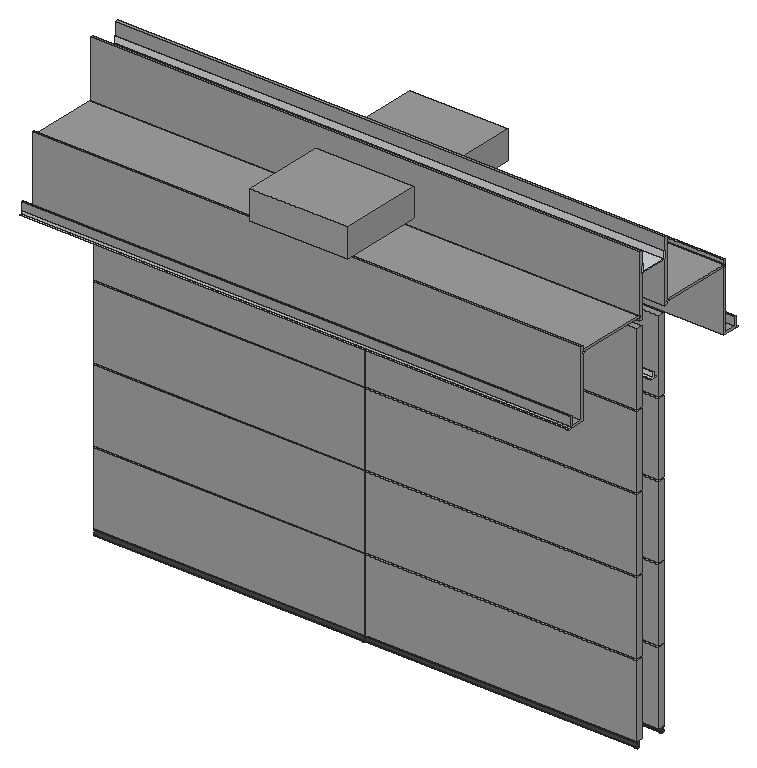
Revit family "Partition-5_Panels_High-Skyfold_Classic_Compact-8-1_to_10-0_FC_2450_to_3050", category Generic Models, host Ceiling, Revit 2026
Family settings
  Host = Ceiling
  Can host rebar = No
  Round Connector Dimension = Use Diameter
  Part Type = Normal
  Always vertical = Yes
  Cut with Voids When Loaded = No
  Maintain Annotation Orientation = No
  Shared = No
  Room Calculation Point = No
Parameters (values of type "9' - 6"")
  Visibility Of Unfold Single Panel [instance] = and(not(Fold), Number Of Panels < 2)  # no
  Visibility Of Fold Single Panel [instance] = and(Fold, Number Of Panels < 2)  # no
  Visibility Of Fold Panels [instance] = and(Fold, Number Of Panels > 1)  # no
  URL = "http://www.skyfold.com/"
  Total Panel Height = ([Panel Height"F"] * 5) + 0' 2"  # 10' - 9 1/2"
  Pocket Material [instance] = Default
  Panel Array [instance] = if(Number Of Panels < 3, 2, Number Of Panels)  # 2
  Panel 5 Material [instance] = Default
  Panel 4 Material [instance] = Default
  Panel 3 Material [instance] = Default
  Panel 2 Material [instance] = Default
  Model = "Compact Drive System"
  Manufacturer = "Skyfold"
  Description = "Custom Powerlift Partitions"
  Default Elevation = 0' - 0"
  Center Pantograph Visibility [instance] = Number Of Panels > 2  # no
  Visibility Of Single Pantograph [instance] = and(Number Of Panels = 2, Total Wall Length > 16' 0")  # no
  Total Wall Length [instance] = 16' - 0"
  Wall Thickness = 0' - 11 3/4"  # constant formula
  Unfold [instance] = and(not(Fold), Number Of Panels > 1)  # yes
  Pocket Width"E" = 5' - 1 3/4"
  Pocket Depth"D" = 1' - 8 1/2"
  Panel Length [instance] = (Total Wall Length - 0' 2" - (Number Of Panels - 1) * 0' 0 1/2") / Number Of Panels  # 7' - 10 3/4"
  Panel Height"F" = 2' - 1 1/2"
  Offset From Ceiling [instance] = 0' - 3 1/32"
  Center Pantographs [instance] = if(Number Of Panels < 3, 2, Number Of Panels - 1)  # 2
  Number Of Panels [instance] = (Total Wall Length / Max Panel Length) + 0.499  # 2
  Motor Positionning [instance] = if(or(Number Of Panels = 1, Total Wall Length < 16' 1", Number Of Panels = 3, Number Of Panels = 5, Number Of Panels = 7, Number Of Panels = 9, Number Of Panels = 11), (Total Wall Length / 2), (Total Wall Length / 2) - (Panel Length / 2))  # 8' - 0"
  Max Wall Length [instance] = 100' - 0"  # constant formula
  Max Panel Length [instance] = 12' - 0"  # constant formula
  Height Between Panels [instance] = [Panel Height"F"] + 0' 0 1/2"  # 2' - 2"
  Fold [instance] = no
  Distance From Acoustic Barrier = 0' - 2"  # constant formula
  Distance Between Panels [instance] = Panel Length + 0' 0 1/2"  # 7' - 11 1/4"
  Finished Ceiling"A" = 9' - 6"
  Panel 1 Material [instance] = Default
  Top Of Acoustic Barrier [instance] = 13' - 0"
  Assembly Code = ""
  Beam Height"B" = 12' - 2"
  Acoustic Barrier"C" = 11' - 1 1/2"
Reference planes (in)
  plane 1 "Center (Front/Back)": y = 0
  plane 2 "Ceiling": z = 96
  plane 3 "Center (Left/Right)": x = 0
  plane 4: y = -30.875
  plane 5: y = 30.875
  plane 6: y = -5.875
  plane 7: y = 5.875
  plane 8: x = 192
  plane 9: x = 1
  plane 10: x = 96.25
  plane 11: z = 113.46875
  plane 12: z = -18
  plane 13 "Beam height": z = 128
  plane 14 "ouverture": y = -35.68131
  plane 15: x = 96
  plane 16 "BOAB": z = 110.57813
  plane 17 "bob": z = 92.96875
Lines and regions (in)
  Opening 1
    outline origin (0, 3.93322, 96) x (1, 0, 0) y (0, 1, 0)
      loop
        line (0, 32.19178) -> (0, -40.05822) -> (192, -40.05822) -> (192, 32.19178) -> (0, 32.19178)
  model lines, style "InvisibleLines", detail levels fine
    curve 1: line (0, 6.25, 113.46875) -> (0, 6.25, 146.875)
Dimensions and locks (in)
  equal spacing: host sketch curve, plane 3 "Center (Left/Right)", host sketch curve
  equal spacing: host sketch curve, plane 1 "Center (Front/Back)", host sketch curve
  host sketch curve to host sketch curve = 10' - 0"  (x2)
  plane 2 "Ceiling" to level = 7' - 0"
  equal spacing: plane 4, plane 1 "Center (Front/Back)", plane 5
  "Pocket Width"E"": plane 4 to plane 5
  equal spacing: plane 6, plane 1 "Center (Front/Back)", plane 7
  "Wall Thickness": plane 6 to plane 7
  "Total Wall Length": plane 8 to plane 3 "Center (Left/Right)"
  locked: plane 9 to plane 3 "Center (Left/Right)" at 1
  "Distance Between Panels": plane 10 to plane 9
  group 1 to group 2 = 7' - 11 1/4"
  group 1 to group 2 = 0' - 0"  (x2)
  group 3 to group 4 = 7' - 11 1/4"
  group 3 to group 4 = 0' - 0"  (x2)
  "Pocket Depth"D"": plane 11 to plane 17 "bob"
  "Beam Height"B"": plane 13 "Beam height" to plane 12
  locked: nested 8 to plane 3 "Center (Left/Right)" at 32
  locked: plane 8 to nested 9 at 32
  locked: nested 5 to nested 10 at 0.25
  group 5 to group 6 = 7' - 11 1/4"
  group 5 to group 6 = 0' - 0"  (x2)
  "Distance Between Panels": nested 11 to nested 10
  locked: plane 10 to nested 12 at 0.25
  "Motor Positionning": plane 15 to plane 3 "Center (Left/Right)"
  locked: plane 11 to plane 16 "BOAB" at 2.89062
  "Finished Ceiling"A"": plane 2 "Ceiling" to plane 12
  "Offset From Ceiling": plane 2 "Ceiling" to plane 17 "bob"
  aligned and locked: nested 1 to Opening 1 sketch curve  (x2)
  aligned and locked: Opening 1 sketch curve to plane 8
  aligned and locked: nested 2 to plane 1 "Center (Front/Back)"
  aligned and locked: nested 2 to plane 9
  aligned and locked: Opening 1 sketch curve to nested 1
  aligned and locked: plane 9 to nested 3
  aligned and locked: nested 1 to plane 3 "Center (Left/Right)"
  aligned and locked: plane 10 to nested 5
  aligned and locked: plane 8 to nested 6
  aligned and locked: plane 3 "Center (Left/Right)" to nested 6
  aligned and locked: nested 13 to plane 1 "Center (Front/Back)"
  aligned and locked: plane 13 "Beam height" to nested 6
  aligned and locked: nested 1 to nested 6
  aligned and locked: plane 13 "Beam height" to nested 8
  aligned and locked: plane 13 "Beam height" to nested 12
  aligned and locked: plane 13 "Beam height" to nested 10
  aligned and locked: plane 13 "Beam height" to nested 11
  aligned and locked: plane 13 "Beam height" to nested 9
  aligned and locked: nested 14 to plane 1 "Center (Front/Back)"
  aligned and locked: nested 15 to nested 14
  aligned and locked: plane 9 to nested 15
  aligned and locked: nested 16 to nested 14
  aligned and locked: nested 16 to plane 9
  aligned and locked: plane 13 "Beam height" to nested 7
  aligned and locked: plane 15 to nested 7
  aligned and locked: plane 16 "BOAB" to nested 16
  aligned and locked: nested 13 to plane 17 "bob"
  aligned and locked: nested 3 to plane 17 "bob"
  aligned and locked: nested 15 to plane 17 "bob"
  aligned and locked: nested 2 to plane 16 "BOAB"
  aligned and locked: plane 10 to nested 4
  aligned and locked: nested 4 to plane 16 "BOAB"
  aligned and locked: nested 14 to plane 16 "BOAB"
  aligned and locked: plane 17 "bob" to nested 1
  aligned and locked: plane 2 "Ceiling" to host ceiling
  aligned and locked: nested 5 to plane 17 "bob"
  aligned and locked: plane 5 to nested 17
  aligned and locked: nested 17 to plane 2 "Ceiling"
  aligned and locked: nested 18 to plane 13 "Beam height"
  aligned and locked: plane 7 to nested 18
  aligned and locked: plane 14 "ouverture" to nested 19
  aligned and locked: nested 19 to plane 13 "Beam height"
Automatic sketch dimensions
  curve 1 to plane 11 = 0' - 0"
  plane 7 to curve 1 = 0' - 0 3/8"
  plane 13 "Beam height" to curve 1 = 1' - 6 7/8"
Nested families (in)
  nested 1: "Pocket" at (0, -10.75, 94.27344), Acoustic_Barrier"C" <- "Acoustic Barrier"C"", Total_Wall_Length <- "Total Wall Length", T.O. Acoustic_Barrier <- "Top Of Acoustic Barrier", Beam_Height <- "Beam Height"B"", Pocket Material <- "Pocket Material", type "Pocket"
    with Total_Wall_Length 16' - 0", T.O. Acoustic_Barrier 13' - 0", Pocket Material Default, Motor_Length 2' - 10", Motor_Height 0' - 11 1/2", Beam_Height 12' - 2", Acoustic_Barrier"C" 11' - 1 1/2", Pocket_Width"E" 5' - 1 3/4", Pocket_Depth"D" 1' - 8 1/2", Finished_Ceiling"A" 9' - 6"
  nested 2: "5 panels group" at (1, 0, -122.85983), panel_length <- "Panel Length", Panel_Material <- "Panel 1 Material", visible <- "Unfold", Total_Panel-Height <- "Total Panel Height", Panel 2 material <- "Panel 2 Material", Panel 3 material <- "Panel 3 Material", Panel 4 material <- "Panel 4 Material", Panel 5 material <- "Panel 5 Material", type "5 panels group"
    with panel_length 7' - 10 3/4", Total_Panel-Height 10' - 9 1/2", Panel_Material Default, Panel 5 material Default, Panel 4 material Default, Panel 3 material Default, Panel 2 material Default, panel_height 2' - 1 1/2", Height_distance_bet_panels 2' - 2"
  nested 3: "Horozontal panel" at (1, 12.57079, 80.96875), panel_length <- "Panel Length", panel_height <- "Panel Height"F"", visible <- "Visibility Of Fold Panels", Panel_Material <- "Panel 5 Material", type "Horozontal panel"
    with panel_length 7' - 10 3/4", panel_height 2' - 1 1/2", Panel_Material Default
  nested 4: "5 panels group" at (96.25, 0, -122.85983), panel_length <- "Panel Length", Panel_Material <- "Panel 1 Material", visible <- "Unfold", Total_Panel-Height <- "Total Panel Height", Panel 2 material <- "Panel 2 Material", Panel 3 material <- "Panel 3 Material", Panel 4 material <- "Panel 4 Material", Panel 5 material <- "Panel 5 Material", type "5 panels group"
    with panel_length 7' - 10 3/4", Total_Panel-Height 10' - 9 1/2", Panel_Material Default, Panel 5 material Default, Panel 4 material Default, Panel 3 material Default, Panel 2 material Default, panel_height 2' - 1 1/2", Height_distance_bet_panels 2' - 2"
  nested 5: "Horozontal panel" at (96.25, 12.57079, 80.96875), panel_length <- "Panel Length", panel_height <- "Panel Height"F"", visible <- "Visibility Of Fold Panels", Panel_Material <- "Panel 5 Material", type "Horozontal panel"
    with panel_length 7' - 10 3/4", panel_height 2' - 1 1/2", Panel_Material Default
  nested 6: "Beam" at (0, -10.75, 109.30469), type "Pocket"
    with Total_Wall_Length 16' - 0"
  nested 7: "Motor" at (79, -23, 118), type "Compact"
  nested 8: "Pantograph" at (54.25, -4, 115.71875) x (0, 1, 0) z (0, 0, 1), type "Pantograph"
  nested 9: "Pantograph" at (182.25, -4, 115.71875) x (0, 1, 0) z (0, 0, 1), type "Pantograph"
  nested 10: "Pantograph" at (118.25, -4, 115.71875) x (0, 1, 0) z (0, 0, 1), visible <- "Center Pantograph Visibility", type "Pantograph"
  nested 11: "Pantograph" at (213.5, -4, 115.71875) x (0, 1, 0) z (0, 0, 1), visible <- "Center Pantograph Visibility", type "Pantograph"
  nested 12: "Pantograph" at (118.25, -4, 115.71875) x (0, 1, 0) z (0, 0, 1), visible <- "Visibility Of Single Pantograph", type "Pantograph"
  nested 13: "2D Fold Panels" at (1, 2.48811, 92.96875) x (0, 1, 0) z (1, 0, 0), visible <- "Fold", Panel_Height <- "Panel Height"F"", type "Complete Panels"
    with Panel_Height 2' - 1 1/2"
  nested 14: "2D Unfold Panels" at (1, -0.19511, 18.57813) x (0, 1, 0) z (1, 0, 0), visible <- "Unfold", type "Unfold panels"
    with Distance_Between_Panels 2' - 2"
  nested 15: "Horozontal panel" at (1, 12.57079, 80.96875), panel_length <- "Panel Length", panel_height <- "Panel Height"F"", Panel_Material <- "Panel 1 Material", visible <- "Visibility Of Fold Single Panel", type "Horozontal panel"
    with panel_length 7' - 10 3/4", panel_height 2' - 1 1/2", Panel_Material Default
  nested 16: "5 panels group" at (1, 0, -122.85983), Panel_Material <- "Panel 1 Material", panel_length <- "Panel Length", visible <- "Visibility Of Unfold Single Panel", Total_Panel-Height <- "Total Panel Height", Panel 2 material <- "Panel 2 Material", Panel 3 material <- "Panel 3 Material", Panel 4 material <- "Panel 4 Material", Panel 5 material <- "Panel 5 Material", type "5 panels group"
    with panel_length 7' - 10 3/4", Total_Panel-Height 10' - 9 1/2", Panel_Material Default, Panel 5 material Default, Panel 4 material Default, Panel 3 material Default, Panel 2 material Default, panel_height 2' - 1 1/2", Height_distance_bet_panels 2' - 2"
  nested 17: "Suspended Ceiling Component" at (1, 30.875, 96) x (0, 1, 0) z (1, 0, 0), type "Suspended Ceiling Component"
  nested 18: "construction as per ASTM E557 Component" at (1, 5.875, 128) x (0, 1, 0) z (1, 0, 0), type "construction as per ASTM E557 Component"
  nested 19: "Disclaimer Component" at (1, -35.68131, 128) x (0, 1, 0) z (1, 0, 0), type "Disclaimer Component"
Definition of nested family "Pocket"
  Parameters
    Total_Wall_Length [instance] = 35' - 0"
    T.O. Acoustic_Barrier [instance] = 11' - 0"
    Pocket_Width"E" = 4' - 7 1/2"
    Pocket_Depth"D" = 1' - 7 5/8"
    Pocket Material [instance] = none
    Motor_Length [instance] = 2' - 6 29/128"
    Motor_Height [instance] = 1' - 3"
    Finished_Ceiling"A" = 8' - 7"
    Default Elevation = 0' - 0"
    Assembly Code = ""
    Beam_Height [instance] = 10' - 0"
    Acoustic_Barrier"C" [instance] = 1' - 7 5/8"
  Reference planes (in)
    plane 1 "Center (Front/Back)": y = 10.75
    plane 2: z = 18.32031
    plane 3 "Center (Left/Right)": x = 0
    plane 4: z = -1.30469
    plane 5: y = -17
    plane 6: y = 38.5
    plane 7: y = -22.25
    plane 8: y = 43.75
    plane 9: z = 2.32031
    plane 10: y = 4.75
    plane 11: y = 16.75
    plane 12: x = 420
    plane 13: z = 45.69531
    plane 14: z = 71.18777
    plane 15: z = 27.69531
    plane 16: z = -104.30469
    plane 17: x = 12.89513
    plane 18: x = 203.52734
    plane 19: z = 15.69531
    plane 20: z = 19.32031
  Forms (in)
    Extrusion 1, solid, material <- "Pocket Material"
      sketch origin (0, 0, 0) x (0, 1, 0) y (0, 0, 1)
        loop
          line (-22.25, 2.32031) -> (-22.25, -1.30469) -> (-17, -1.30469) -> (-17, 21.32031) -> (-17.625, 21.32031) -> (-17.625, -0.67969) -> (-21.625, -0.67969) -> (-21.625, 2.32031) -> (-22.25, 2.32031)
        loop
          line (-16.78125, 19.32031) -> (4.53125, 19.32031) -> (4.53125, 19.94531) -> (-16.78125, 19.94531) -> (-16.78125, 19.32031)
      from 0 to 420
    Extrusion 2, solid
      sketch origin (0, 0, 0) x (0, 1, 0) y (0, 0, 1)
        loop
          line (9.75, -1.30469) -> (11.75, -1.30469) -> (11.75, -1.05469) -> (10.875, -1.05469) -> (10.875, 0.69531) -> (10.625, 0.69531) -> (10.625, -1.05469) -> (9.75, -1.05469) -> (9.75, -1.30469)
      from 0 to 420
    Extrusion 3, solid, material <- "Pocket Material"
      sketch origin (0, 0, 0) x (0, 1, 0) y (0, 0, 1)
        loop
          line (4.75, 18.32031) -> (5.75, 18.32031) -> (5.75, 27.69531) -> (4.75, 27.69531) -> (4.75, 18.32031)
      from 0 to 420
    Extrusion 4, solid, material <- "Pocket Material"
      sketch origin (0, 21.5, 0) x (0, -1, 0) y (0, 0, -1)
        loop
          line (4.75, -18.32031) -> (4.75, -27.69531) -> (5.75, -27.69531) -> (5.75, -18.32031) -> (4.75, -18.32031)
      from 0 to 420
    Extrusion 5, solid
      sketch origin (420, 0, 0.01562) x (0, 1, 0) y (0, 0, 1)
        loop
          line (-17, 20.00781) -> (-17, 19.21094) -> (-16.25, 19.21094) -> (-16.25, 19.30469) -> (-16.90625, 19.30469) -> (-16.90625, 20.00781) -> (-17, 20.00781)
      from -420 to 0
    Extrusion 6, solid
      sketch origin (420, -21.98359, 0.03125) x (0, -1, 0) y (0, 0, -1)
        loop
          line (-26.73359, -19.99219) -> (-26.63984, -19.99219) -> (-26.63984, -19.28906) -> (-25.98359, -19.28906) -> (-25.98359, -19.19531) -> (-26.73359, -19.19531) -> (-26.73359, -19.99219)
      from -420 to 0
    Extrusion 7, solid
      sketch origin (420, -57.55768, -19.35805) x (0, -1, 0) y (0, 0, -1)
        loop
          line (-35.30768, -18.75649) -> (-35.21393, -18.75649) -> (-35.21393, -18.05336) -> (-34.55768, -18.05336) -> (-34.55768, -17.95961) -> (-35.30768, -17.95961) -> (-35.30768, -18.75649)
      from -420 to 0
    Extrusion 8, solid, material <- "Pocket Material"
      sketch origin (0, 21.5, 0.125) x (0, -1, 0) y (0, 0, -1)
        loop
          line (-22.25, -2.19531) -> (-21.625, -2.19531) -> (-21.625, 0.80469) -> (-17.625, 0.80469) -> (-17.625, -21.19531) -> (-17, -21.19531) -> (-17, 1.42969) -> (-22.25, 1.42969) -> (-22.25, -2.19531)
        loop
          line (-16.78125, -19.19531) -> (-16.78125, -19.82031) -> (4.53125, -19.82031) -> (4.53125, -19.19531) -> (-16.78125, -19.19531)
      from 0 to 420
    Extrusion 9, solid
      sketch origin (420, 21.5, 0) x (0, -1, 0) y (0, 0, -1)
        loop
          line (-17, -20.02344) -> (-16.90625, -20.02344) -> (-16.90625, -19.32031) -> (-16.25, -19.32031) -> (-16.25, -19.22656) -> (-17, -19.22656) -> (-17, -20.02344)
      from -420 to 0
    Extrusion 10, solid
      sketch origin (420, 43.48359, 0) x (0, 1, 0) y (0, 0, 1)
        loop
          line (-26.73359, 20.02344) -> (-26.73359, 19.22656) -> (-25.98359, 19.22656) -> (-25.98359, 19.32031) -> (-26.63984, 19.32031) -> (-26.63984, 20.02344) -> (-26.73359, 20.02344)
      from -420 to 0
    Extrusion 11, solid
      sketch origin (420, 79.05768, -19.35805) x (0, 1, 0) y (0, 0, 1)
        loop
          line (-35.30768, 18.75649) -> (-35.30768, 17.95961) -> (-34.55768, 17.95961) -> (-34.55768, 18.05336) -> (-35.21393, 18.05336) -> (-35.21393, 18.75649) -> (-35.30768, 18.75649)
      from -420 to 0
  Lines and regions (in)
    symbolic lines
      curve 1: line (420, -21.625, -0.67969) -> (420, -17.625, -0.67969)
      curve 2: line (420, -21.625, 27.69531) -> (420, -21.625, -0.67969)
      curve 3: line (420, -17.625, 27.69531) -> (420, -21.625, 27.69531)
      curve 4: line (420, -17.625, -0.67969) -> (420, -17.625, 27.69531)
      curve 5: line (420, 43.125, -0.67969) -> (420, 39.125, -0.67969)
      curve 6: line (420, 43.125, 27.69531) -> (420, 43.125, -0.67969)
      curve 7: line (420, 39.125, 27.69531) -> (420, 43.125, 27.69531)
      curve 8: line (420, 39.125, -0.67969) -> (420, 39.125, 27.69531)
      curve 9: line (420, 16.75, 22.94531) -> (420, 16.75, 20.94531)
      curve 10: line (0, 5.25, 27.69531) -> (0, 5.25, 18.32031)
      curve 11: line (0, 16.25, 27.69531) -> (0, 16.25, 18.32031)
  Dimensions and locks (in)
    locked: plane 7 to plane 5 at 5.25
    locked: plane 9 to plane 4 at 3.625
    locked: plane 6 to plane 8 at 5.25
    plane 10 to plane 1 "Center (Front/Back)" = 0' - 6"
    plane 10 to plane 11 = 1' - 0"
    "Pocket_Width"E"": plane 5 to plane 6
    equal spacing: plane 5, plane 1 "Center (Front/Back)", plane 6
    "Finished_Ceiling"A"": plane 4 to level
    locked: plane 7 to Extrusion 1 sketch curve at 0.625
    locked: Extrusion 1 sketch curve to plane 4 at 0.625
    locked: Extrusion 1 sketch curve to Extrusion 1 sketch curve at 0.625  (x2)
    "Total_Wall_Length": plane 12 to plane 3 "Center (Left/Right)"
    equal spacing: Extrusion 2 sketch curve, plane 1 "Center (Front/Back)", Extrusion 2 sketch curve  (x2)
    locked: Extrusion 2 sketch curve to plane 4 at 2
    locked: Extrusion 2 sketch curve to plane 4 at 0.25
    locked: Extrusion 2 sketch curve to plane 1 "Center (Front/Back)" at 0.125
    locked: Extrusion 1 sketch curve to Extrusion 1 sketch curve at 0.21875
    locked: plane 10 to Extrusion 3 sketch curve at 1
    "Pocket_Depth"D"": plane 2 to plane 4
    locked: plane 13 to plane 16 at 150
    "T.O. Acoustic_Barrier": plane 15 to plane 16
    locked: plane 18 to plane 3 "Center (Left/Right)" at 203.52734
    "Beam_Height": plane 19 to plane 16
    plane 4 to plane 16 = 8' - 7"
    Extrusion 1 to Extrusion 1 to plane 5 = 0' - 0 5/8", 0' - 0"
    locked: Extrusion 1 sketch curve to Extrusion 1 sketch curve at 1.375
    locked: Extrusion 1 sketch curve to plane 10 at 0.21875
    locked: Extrusion 5 sketch curve to Extrusion 5 sketch curve at 0.09375  (x2)
    locked: Extrusion 5 sketch curve to Extrusion 5 sketch curve at 0.79688
    locked: Extrusion 5 sketch curve to Extrusion 5 sketch curve at 0.75
    locked: Extrusion 6 sketch curve to Extrusion 6 sketch curve at 0.09375  (x2)
    locked: Extrusion 6 sketch curve to Extrusion 6 sketch curve at 0.79688
    locked: Extrusion 6 sketch curve to Extrusion 6 sketch curve at 0.75
    locked: Extrusion 7 sketch curve to Extrusion 7 sketch curve at 0.09375  (x2)
    locked: Extrusion 7 sketch curve to Extrusion 7 sketch curve at 0.79688
    locked: Extrusion 7 sketch curve to Extrusion 7 sketch curve at 0.75
    locked: Extrusion 8 sketch curve to Extrusion 8 sketch curve at 0.625
    Extrusion 8 sketch curve to Extrusion 8 sketch curve = 0' - 0 5/8"
    locked: Extrusion 8 sketch curve to Extrusion 8 sketch curve at 0.21875
    Extrusion 8 sketch curve to Extrusion 8 sketch curve = 0' - 1 3/8"
    locked: Extrusion 9 sketch curve to Extrusion 9 sketch curve at 0.09375  (x2)
    locked: Extrusion 9 sketch curve to Extrusion 9 sketch curve at 0.79688
    locked: Extrusion 9 sketch curve to Extrusion 9 sketch curve at 0.75
    locked: Extrusion 10 sketch curve to Extrusion 10 sketch curve at 0.09375  (x2)
    locked: Extrusion 10 sketch curve to Extrusion 10 sketch curve at 0.79688
    locked: Extrusion 10 sketch curve to Extrusion 10 sketch curve at 0.75
    locked: Extrusion 11 sketch curve to Extrusion 11 sketch curve at 0.09375  (x2)
    locked: Extrusion 11 sketch curve to Extrusion 11 sketch curve at 0.79688
    locked: Extrusion 11 sketch curve to Extrusion 11 sketch curve at 0.75
    locked: plane 20 to plane 2 at 1
    aligned and locked: plane 12 to Extrusion 1
    aligned and locked: Extrusion 2 sketch curve to Extrusion 2 sketch curve
    aligned and locked: Extrusion 2 to plane 3 "Center (Left/Right)"
    aligned and locked: plane 12 to Extrusion 2
    aligned and locked: Extrusion 3 sketch curve to plane 2
    aligned and locked: Extrusion 3 sketch curve to plane 10
    aligned and locked: plane 15 to Extrusion 4
    aligned and locked: plane 15 to Extrusion 3
    aligned and locked: plane 12 to Extrusion 3
    aligned and locked: plane 12 to Extrusion 4
    aligned and locked: plane 16 to level
    aligned and locked: curve 1 to Extrusion 1  (x2)
    aligned and locked: curve 4 to Extrusion 1
    aligned and locked: curve 7 to plane 15
    aligned and locked: plane 5 to Extrusion 5
    aligned: plane 2 to Extrusion 5
    aligned and locked: plane 10 to Extrusion 6
    aligned: plane 2 to Extrusion 6
    aligned and locked: plane 7 to Extrusion 7
    aligned and locked: plane 4 to Extrusion 7
    aligned and locked: plane 6 to Extrusion 9
    aligned and locked: plane 4 to Extrusion 11
    aligned and locked: Extrusion 11 to plane 8
    aligned and locked: plane 12 to Extrusion 5
    aligned and locked: plane 12 to Extrusion 6
    aligned and locked: Extrusion 10 to plane 3 "Center (Left/Right)"
    aligned and locked: Extrusion 6 to plane 3 "Center (Left/Right)"
    aligned and locked: Extrusion 5 to plane 3 "Center (Left/Right)"
    aligned and locked: plane 12 to Extrusion 10
    aligned and locked: plane 12 to Extrusion 9
    aligned and locked: Extrusion 9 to plane 3 "Center (Left/Right)"
    aligned and locked: plane 12 to Extrusion 7
    aligned and locked: plane 12 to Extrusion 11
    aligned and locked: Extrusion 7 to plane 3 "Center (Left/Right)"
    aligned and locked: Extrusion 11 to plane 3 "Center (Left/Right)"
    aligned and locked: Extrusion 8 to curve 8
    aligned and locked: curve 6 to Extrusion 8
    aligned and locked: curve 5 to Extrusion 8
    aligned and locked: plane 12 to Extrusion 8
    aligned and locked: Extrusion 1 to plane 3 "Center (Left/Right)"
    aligned and locked: Extrusion 8 to plane 3 "Center (Left/Right)"
    aligned and locked: Extrusion 1 sketch curve to plane 20
    aligned and locked: Extrusion 5 to Extrusion 1
    aligned and locked: Extrusion 6 to Extrusion 1
    aligned and locked: Extrusion 8 to Extrusion 1  (x4)
    aligned and locked: Extrusion 1 to Extrusion 8
    aligned and locked: Extrusion 10 to Extrusion 8
    aligned and locked: Extrusion 9 to Extrusion 8
    aligned and locked: Extrusion 8 to plane 4
  Automatic sketch dimensions
    curve 10 to plane 2 = 0' - 0"
    curve 10 to plane 15 = 0' - 0"
    curve 11 to plane 2 = 0' - 0"
    curve 11 to plane 15 = 0' - 0"
    plane 10 to curve 10 = 0' - 0 1/2"
    curve 11 to plane 11 = 0' - 0 1/2"
    Extrusion 1 sketch curve to plane 4 = 0' - 0"
    Extrusion 1 sketch curve to plane 7 = 0' - 0"
    Extrusion 1 sketch curve to plane 5 = 0' - 0"
    Extrusion 1 sketch curve to plane 9 = 0' - 0"
    Extrusion 2 sketch curve to plane 4 = 0' - 0"
    Extrusion 2 sketch curve to Extrusion 2 sketch curve = 0' - 0 7/8"
    Extrusion 3 sketch curve to plane 15 = 0' - 0"
    Extrusion 4 sketch curve to plane 11 = 0' - 0"
    Extrusion 4 sketch curve to plane 15 = 0' - 0"
    Extrusion 4 sketch curve to plane 2 = 0' - 0"
    plane 11 to Extrusion 4 sketch curve = 0' - 1"
    curve 3 to Extrusion 3 = 0' - 0"
    curve 9 to Extrusion 3 = 0' - 4 5/8"
    Extrusion 3 to curve 9 = 0' - 11"
    curve 9 to curve 9 = 0' - 2"
    Extrusion 5 sketch curve to Extrusion 3 = 0' - 0 29/32"
    Extrusion 3 to Extrusion 5 sketch curve = 1' - 9 3/4"
    Extrusion 6 sketch curve to Extrusion 3 = 0' - 0"
    Extrusion 6 sketch curve to Extrusion 3 = 0' - 1 45/64"
    Extrusion 3 to Extrusion 7 sketch curve = 2' - 3"
    Extrusion 3 to Extrusion 7 sketch curve = 1' - 6 59/64"
    Extrusion 8 sketch curve to plane 4 = 0' - 0"
    Extrusion 8 sketch curve to plane 8 = 0' - 0"
    Extrusion 8 sketch curve to plane 9 = 0' - 0"
    Extrusion 8 sketch curve to plane 6 = 0' - 0"
    plane 8 to Extrusion 8 sketch curve = 0' - 0 5/8"
    Extrusion 8 sketch curve to plane 11 = 0' - 0 7/32"
    Extrusion 8 sketch curve to plane 4 = 0' - 0 5/8"
    Extrusion 8 sketch curve to plane 2 = 0' - 1"
    Extrusion 9 sketch curve to Extrusion 3 = 0' - 0 29/32"
    Extrusion 3 to Extrusion 9 sketch curve = 2' - 8 3/4"
    Extrusion 10 sketch curve to Extrusion 3 = 0' - 0 29/32"
    Extrusion 3 to Extrusion 10 sketch curve = 0' - 11"
    Extrusion 3 to Extrusion 11 sketch curve = 3' - 2"
    Extrusion 3 to Extrusion 11 sketch curve = 1' - 7 23/32"
Definition of nested family "5 panels group"
  Parameters
    panel_length [instance] = 3' - 0"
    panel_height = 2' - 2 1/2"
    folded_width = 0' - 11 3/4"
    Total_Panel-Height [instance] = 9' - 2 3/4"
    Panel_Material [instance] = none
    Panel 5 material [instance] = none
    Panel 4 material [instance] = none
    Panel 3 material [instance] = none
    Panel 2 material [instance] = none
    Height_distance_bet_panels = panel_height + 0' 0 1/2"  # 2' - 3"
    Default Elevation = 0' - 0"
    Assembly Code = ""
  Reference planes (in)
    plane 1 "Center (Front/Back)": y = 0
    plane 2: z = 0
    plane 3 "Center (Left/Right)": x = 0
    plane 4: y = 5.875
    plane 5: z = 233.43796
    plane 6: y = -5.875
    plane 7: z = 206.43796
    plane 8: x = 36
    plane 9: z = 122.68796
    plane 10: z = 179.43796
    plane 11: z = 152.43796
    plane 12: z = 125.43796
  Forms (in)
    Extrusion 1, solid
      sketch origin (0, 1.79895, 58.50004) x (0, 1, 0) y (0, 0, 1)
        loop
          line (-6.80477, 62.50782) -> (-7.05382, 63.93792) -> (-6.92395, 63.93792) -> (-6.92395, 64.18793) -> (-7.67395, 64.18793) -> (-7.67395, 63.93792) -> (-7.41508, 63.93792) -> (-7.66413, 62.50782)
          arc (-7.66413, 62.50782) -> (-7.23445, 62.07814) -> (-6.80477, 62.50782) r 0.42968
      from 0 to 36
    Extrusion 2, solid
      sketch origin (0, -1.79895, 58.50004) x (0, -1, 0) y (0, 0, -1)
        loop
          arc (-6.80477, -62.50782) -> (-7.23445, -62.07814) -> (-7.66413, -62.50782) r 0.42968
          line (-7.66413, -62.50782) -> (-7.41508, -63.93792) -> (-7.67395, -63.93792) -> (-7.67395, -64.18793) -> (-6.92395, -64.18793) -> (-6.92395, -63.93792) -> (-7.05382, -63.93792) -> (-6.80477, -62.50782)
      from 0 to 36
  Dimensions and locks (in)
    equal spacing: plane 6, plane 1 "Center (Front/Back)", plane 4
    "folded_width": plane 6 to plane 4
    "panel_length": plane 8 to plane 3 "Center (Left/Right)"
    "Total_Panel-Height": plane 5 to plane 9
    equal spacing: plane 5, plane 7, plane 10, plane 11, plane 12
    "Height_distance_bet_panels": plane 5 to plane 7
    aligned and locked: plane 4 to nested 1
    aligned and locked: plane 6 to nested 2
    aligned and locked: plane 3 "Center (Left/Right)" to nested 1
    aligned and locked: nested 2 to plane 5  (x2)
    aligned and locked: nested 4 to plane 7  (x2)
    aligned and locked: plane 8 to Extrusion 1
    aligned and locked: Extrusion 1 to plane 3 "Center (Left/Right)"
    aligned and locked: Extrusion 1 to plane 6
    aligned and locked: Extrusion 2 to plane 3 "Center (Left/Right)"
    aligned and locked: plane 8 to Extrusion 2
    aligned and locked: plane 5 to nested 1
    aligned and locked: plane 7 to nested 3
    aligned and locked: nested 6 to plane 10
    aligned and locked: plane 10 to nested 5
    aligned and locked: nested 8 to plane 11
    aligned and locked: plane 11 to nested 7
    aligned and locked: nested 10 to plane 12
    aligned and locked: plane 12 to nested 9
    aligned and locked: plane 6 to nested 10
    aligned and locked: plane 6 to nested 8
    aligned and locked: plane 6 to nested 6
    aligned and locked: plane 6 to nested 4
    aligned and locked: plane 4 to nested 3
    aligned and locked: plane 4 to nested 5
    aligned and locked: plane 4 to nested 7
    aligned and locked: plane 4 to nested 9
  Automatic sketch dimensions
    Extrusion 1 sketch curve to plane 6 = 0' - 0"
    plane 6 to Extrusion 1 sketch curve = 0' - 0.00982"
    Extrusion 1 sketch curve to Extrusion 1 sketch curve = 0' - 0.25887"
    Extrusion 1 sketch curve to Extrusion 1 sketch curve = 0' - 0 55/128"
    Extrusion 1 sketch curve to plane 9 = 0' - 0 1/4"  (x2)
    Extrusion 1 sketch curve to Extrusion 1 sketch curve = 0' - 0.36126"
    plane 9 to Extrusion 1 sketch curve = 0' - 0"
    Extrusion 1 sketch curve to Extrusion 1 sketch curve = 0' - 0.12987"
    Extrusion 1 sketch curve to Extrusion 1 sketch curve = 0' - 1.4301"
    Extrusion 2 sketch curve to plane 4 = 0' - 0"
    plane 4 to Extrusion 2 sketch curve = 0' - 0.00982"
    Extrusion 2 sketch curve to Extrusion 2 sketch curve = 0' - 0.25887"
    Extrusion 2 sketch curve to Extrusion 2 sketch curve = 0' - 0 55/128"
    plane 9 to Extrusion 2 sketch curve = 0' - 0 1/4"  (x2)
    Extrusion 2 sketch curve to Extrusion 2 sketch curve = 0' - 0.36126"
    Extrusion 2 sketch curve to plane 9 = 0' - 0"
    Extrusion 2 sketch curve to Extrusion 2 sketch curve = 0' - 0.12987"
    Extrusion 2 sketch curve to Extrusion 2 sketch curve = 0' - 1.4301"
  Nested families (in)
    nested 1: "Panneau_top" at (0, 3.625, 206.93796), panel_height <- "panel_height", panel_length <- "panel_length", Panel_Material <- "Panel_Material", type "Panneau_top"
      with panel_length 3' - 0", panel_height 2' - 2 1/2", Panel_Material none
    nested 2: "Panneau_top" at (0, -3.625, 206.93796), panel_height <- "panel_height", panel_length <- "panel_length", Panel_Material <- "Panel_Material", type "Panneau_top"
      with panel_length 3' - 0", panel_height 2' - 2 1/2", Panel_Material none
    nested 3: "Panneau_top" at (0, 3.625, 179.93796), panel_height <- "panel_height", panel_length <- "panel_length", Panel_Material <- "Panel 2 material", type "Panneau_top"
      with panel_length 3' - 0", panel_height 2' - 2 1/2", Panel_Material none
    nested 4: "Panneau_top" at (0, -3.625, 179.93796), panel_height <- "panel_height", panel_length <- "panel_length", Panel_Material <- "Panel 2 material", type "Panneau_top"
      with panel_length 3' - 0", panel_height 2' - 2 1/2", Panel_Material none
    nested 5: "Panneau_top" at (0, 3.625, 152.93796), panel_height <- "panel_height", panel_length <- "panel_length", Panel_Material <- "Panel 3 material", type "Panneau_top"
      with panel_length 3' - 0", panel_height 2' - 2 1/2", Panel_Material none
    nested 6: "Panneau_top" at (0, -3.625, 152.93796), panel_height <- "panel_height", panel_length <- "panel_length", Panel_Material <- "Panel 3 material", type "Panneau_top"
      with panel_length 3' - 0", panel_height 2' - 2 1/2", Panel_Material none
    nested 7: "Panneau_top" at (0, 3.625, 125.93796), panel_height <- "panel_height", panel_length <- "panel_length", Panel_Material <- "Panel 4 material", type "Panneau_top"
      with panel_length 3' - 0", panel_height 2' - 2 1/2", Panel_Material none
    nested 8: "Panneau_top" at (0, -3.625, 125.93796), panel_height <- "panel_height", panel_length <- "panel_length", Panel_Material <- "Panel 4 material", type "Panneau_top"
      with panel_length 3' - 0", panel_height 2' - 2 1/2", Panel_Material none
    nested 9: "Panneau_top" at (0, 3.625, 98.93796), panel_height <- "panel_height", panel_length <- "panel_length", Panel_Material <- "Panel 5 material", type "Panneau_top"
      with panel_length 3' - 0", panel_height 2' - 2 1/2", Panel_Material none
    nested 10: "Panneau_top" at (0, -3.625, 98.93796), panel_height <- "panel_height", panel_length <- "panel_length", Panel_Material <- "Panel 5 material", type "Panneau_top"
      with panel_length 3' - 0", panel_height 2' - 2 1/2", Panel_Material none
  Definition of nested family "Panneau_top"
    Parameters
      panel_length [instance] = 4' - 0"
      panel_height [instance] = 4' - 0"
      Panel_Material [instance] = none
      Default Elevation = 0' - 0"
      Assembly Code = ""
    Reference planes (in)
      plane 1 "Center (Front/Back)": y = 0
      plane 2: z = 0
      plane 3 "Center (Left/Right)": x = 0
      plane 4: z = 48
      plane 5: x = 48
    Forms (in)
      Extrusion 1, solid, material <- "Panel_Material"
        sketch origin (0, 1.5, 0) x (0, 1, 0) y (0, 0, 1)
          loop
            line (-1.5, 48) -> (-1.5, 0) -> (0.75, 0) -> (0.75, 48) -> (-1.5, 48)
        from 0 to 48
    Dimensions and locks (in)
      "panel_length": plane 5 to plane 3 "Center (Left/Right)"
      "panel_height": plane 4 to plane 2
      locked: plane 1 "Center (Front/Back)" to Extrusion 1 at 2.25
      aligned and locked: plane 4 to Extrusion 1
      aligned and locked: plane 5 to Extrusion 1
      aligned and locked: Extrusion 1 sketch curve to plane 2
      aligned and locked: plane 1 "Center (Front/Back)" to Extrusion 1
    Automatic sketch dimensions
      Extrusion 1 sketch curve to plane 4 = 0' - 0"
      Extrusion 1 sketch curve to Extrusion 1 sketch curve = 0' - 2 1/4"
      Extrusion 1 sketch curve to plane 1 "Center (Front/Back)" = 0' - 0"
Definition of nested family "Horozontal panel"
  Parameters
    pocket_depth = 3' - 0"
    panel_length [instance] = 4' - 0"
    panel_height [instance] = 3' - 0"
    Panel_Material [instance] = none
    Default Elevation = 0' - 0"
    Assembly Code = ""
  Reference planes (in)
    plane 1 "Center (Front/Back)": y = -12.57079
    plane 2: z = 0
    plane 3 "Center (Left/Right)": x = 0
    plane 4: z = 48
    plane 5: x = 48
    plane 6: y = -15.82079
    plane 7: y = -9.32079
    plane 8: z = 12
    plane 9: y = 26.67921
    plane 10: z = 14.25
    plane 11: y = -51.82079
  Forms (in)
    Extrusion 1, solid, material <- "Panel_Material"
      sketch origin (0, 5.05768, 40.06591) x (0, 0, -1) y (0, 1, 0)
        loop
          line (25.81591, 21.62154) -> (25.81591, -14.37846) -> (28.06591, -14.37846) -> (28.06591, 21.62154) -> (25.81591, 21.62154)
      from 0 to 48
    Extrusion 2, solid, material <- "Panel_Material"
      sketch origin (0, -28.3555, 40.06591) x (0, 0, -1) y (0, 1, 0)
        loop
          line (25.81591, -23.46529) -> (28.06591, -23.46529) -> (28.06591, 12.53471) -> (25.81591, 12.53471) -> (25.81591, -23.46529)
      from 0 to 48
    Extrusion 3, solid
      sketch origin (0, 0, 0) x (0, 1, 0) y (0, 0, 1)
        loop
          line (-13.96908, 12.83522) -> (-15.57077, 12.58617) -> (-15.57077, 12.71604) -> (-15.82079, 12.71604) -> (-15.82079, 12) -> (-15.57077, 12) -> (-15.57077, 12.22491) -> (-13.96908, 11.97586)
          arc (-13.96908, 11.97586) -> (-13.5394, 12.40554) -> (-13.96908, 12.83522) r 0.42968
      from 0 to 48
    Extrusion 4, solid
      sketch origin (0, -25.14157, 0) x (0, -1, 0) y (0, 0, -1)
        loop
          arc (-13.96908, -12.83522) -> (-13.5394, -12.40554) -> (-13.96908, -11.97586) r 0.42968
          line (-13.96908, -11.97586) -> (-15.57077, -12.22491) -> (-15.57077, -12) -> (-15.82079, -12) -> (-15.82079, -12.71604) -> (-15.57077, -12.71604) -> (-15.57077, -12.58617) -> (-13.96908, -12.83522)
      from 0 to 48
  Dimensions and locks (in)
    "panel_length": plane 5 to plane 3 "Center (Left/Right)"
    equal spacing: plane 6, plane 1 "Center (Front/Back)", plane 7
    locked: plane 6 to plane 7 at 6.5
    "pocket_depth": plane 4 to plane 8
    "panel_height": plane 7 to plane 9
    locked: plane 10 to plane 8 at 2.25
    "panel_height": plane 11 to plane 6
    aligned: Extrusion 1 to plane 4
    aligned and locked: plane 5 to Extrusion 1
    aligned and locked: Extrusion 1 to plane 7
    aligned and locked: plane 9 to Extrusion 1
    aligned and locked: Extrusion 1 to plane 8
    aligned and locked: plane 10 to Extrusion 1
    aligned and locked: Extrusion 2 to plane 11
    aligned and locked: plane 5 to Extrusion 2
    aligned and locked: import instance to plane 8
    aligned and locked: import instance to plane 6
    aligned and locked: Extrusion 3 sketch curve to import instance  (x8)
    aligned and locked: Extrusion 4 sketch curve to import instance  (x8)
    aligned and locked: Extrusion 3 to plane 3 "Center (Left/Right)"
    aligned and locked: plane 5 to Extrusion 4
    aligned and locked: plane 5 to Extrusion 3
    aligned and locked: Extrusion 4 to plane 3 "Center (Left/Right)"
  Automatic sketch dimensions
    Extrusion 3 sketch curve to Extrusion 3 sketch curve = 0' - 0.12987"
    Extrusion 1 sketch curve to plane 7 = 0' - 0"
    Extrusion 1 sketch curve to plane 10 = 0' - 0"
    Extrusion 1 sketch curve to plane 8 = 0' - 0"
    Extrusion 1 sketch curve to plane 9 = 0' - 0"
    Extrusion 2 sketch curve to plane 6 = 0' - 0"
    Extrusion 2 sketch curve to plane 10 = 0' - 0"
    Extrusion 2 sketch curve to plane 8 = 0' - 0"
    Extrusion 2 sketch curve to plane 11 = 0' - 0"
    Extrusion 4 sketch curve to Extrusion 4 sketch curve = 0' - 0.12987"
Definition of nested family "Beam"
  Parameters
    Total_Wall_Length [instance] = 6' - 0"
    Default Elevation = 0' - 0"
    Assembly Code = ""
  Reference planes (in)
    plane 1 "Center (Front/Back)": y = 10.75
    plane 2: z = 18.69531
    plane 3 "Center (Left/Right)": x = 0
    plane 4: y = 4.75
    plane 5: y = 16.75
    plane 6: x = 72
    plane 7: z = 46.69531
    plane 8: z = -103.30469
  Forms (in)
    Extrusion 1, solid
      sketch origin (0, 0, 67.39062) x (0, 1, 0) y (0, 0, 1)
        loop
          line (5.75, -48.69531) -> (15.75, -48.69531) -> (15.75, -46.07031) -> (15.375, -46.07031) -> (15.375, -48.32031) -> (6.125, -48.32031) -> (6.125, -46.07031) -> (5.75, -46.07031) -> (5.75, -48.69531)
      from 0 to 72
  Dimensions and locks (in)
    plane 4 to plane 1 "Center (Front/Back)" = 0' - 6"
    plane 4 to plane 5 = 1' - 0"
    "Total_Wall_Length": plane 6 to plane 3 "Center (Left/Right)"
    Extrusion 1 sketch curve to Extrusion 1 sketch curve = 0' - 10"
    Extrusion 1 sketch curve to Extrusion 1 sketch curve = 0' - 9 1/4"
    locked: Extrusion 1 sketch curve to Extrusion 1 sketch curve at 0.375  (x2)
    locked: Extrusion 1 sketch curve to Extrusion 1 sketch curve at 2.625
    aligned and locked: plane 8 to level
    aligned and locked: Extrusion 1 sketch curve to Extrusion 1 sketch curve
    aligned and locked: plane 6 to Extrusion 1
    aligned and locked: Extrusion 1 to plane 3 "Center (Left/Right)"
  Automatic sketch dimensions
    Extrusion 1 sketch curve to plane 2 = 0' - 0"
    Extrusion 1 sketch curve to plane 4 = 0' - 1"
    plane 5 to Extrusion 1 sketch curve = 0' - 1 3/8"
    Extrusion 1 sketch curve to Extrusion 1 sketch curve = 0' - 0 3/8"
Definition of nested family "Motor"
  Parameters
    Motor_Width = 5' - 10"
    Motor_Length = 2' - 10"
    Motor_Height = 0' - 10"
    Default Elevation = 0' - 0"
    Assembly Code = ""
  Reference planes (in)
    plane 1 "Center (Front/Back)": y = 23
    plane 2: z = 0
    plane 3 "Center (Left/Right)": x = 0
    plane 4: y = -12
    plane 5: y = 58
    plane 6: z = 10
    plane 7: x = 34
    plane 8: x = 17
  Forms (in)
    Extrusion 1, solid
      sketch origin (0, 0, 0) x (0, 1, 0) y (0, 0, 1)
        loop
          line (-12, 10) -> (-12, 0) -> (58, 0) -> (58, 10) -> (-12, 10)
      from 0 to 34
  Dimensions and locks (in)
    equal spacing: plane 4, plane 1 "Center (Front/Back)", plane 5
    "Motor_Width": plane 4 to plane 5
    "Motor_Height": plane 6 to plane 2
    "Motor_Length": plane 7 to plane 3 "Center (Left/Right)"
    equal spacing: plane 7, plane 8, plane 3 "Center (Left/Right)"
    aligned and locked: plane 4 to Extrusion 1 sketch curve
    aligned and locked: Extrusion 1 sketch curve to plane 6
    aligned and locked: level to Extrusion 1 sketch curve
    aligned and locked: Extrusion 1 sketch curve to plane 5
    aligned and locked: plane 7 to Extrusion 1
    aligned and locked: nested 1 to plane 1 "Center (Front/Back)"
    aligned and locked: plane 6 to nested 1
  Nested families (in)
    nested 1: "Famille12" at (34, 18.89727, 1.99211) x (0, 1, 0) z (1, 0, 0), type "Famille12"
  Definition of nested family "Famille12"
    Reference planes (in)
      plane 1 "Centre (avant/arrière)": y = 1.97983
      plane 2: z = 0
      plane 3 "Centre (gauche/droite)": x = 4.10273
    Dimensions and locks (in)
      equal spacing: import instance, plane 3 "Centre (gauche/droite)", import instance
      equal spacing: import instance, plane 1 "Centre (avant/arrière)", import instance
Definition of nested family "Pantograph"
  Parameters
    Default Elevation = 0' - 0"
    Assembly Code = ""
  Reference planes (in)
    plane 1 "Center (Front/Back)": y = 22.25
    plane 2: z = 0
    plane 3 "Center (Left/Right)": x = 0
    plane 4: y = 6
    plane 5: y = 38.5
    plane 6: z = 4.5
    plane 7: x = 8
    plane 8: z = 12.28125
    plane 9: x = 4
  Forms (in)
    Extrusion 1, solid
      sketch origin (0, 0, 0) x (0, 1, 0) y (0, 0, 1)
        loop
          line (6, 4.5) -> (6, 0) -> (38.5, 0) -> (38.5, 4.5) -> (27.75, 4.5) -> (27.75, 12.28125) -> (16.75, 12.28125) -> (16.75, 4.5) -> (6, 4.5)
      from 0 to 8
  Dimensions and locks (in)
    equal spacing: plane 4, plane 1 "Center (Front/Back)", plane 5
    locked: Extrusion 1 sketch curve to Extrusion 1 sketch curve at 11
    equal spacing: Extrusion 1 sketch curve, plane 1 "Center (Front/Back)", Extrusion 1 sketch curve
    locked: plane 6 to plane 2 at 4.5
    locked: plane 8 to plane 2 at 12.28125
    locked: plane 4 to plane 5 at 32.5
    locked: plane 7 to plane 3 "Center (Left/Right)" at 8
    equal spacing: plane 3 "Center (Left/Right)", plane 9, plane 7
    aligned and locked: plane 4 to Extrusion 1 sketch curve
    aligned and locked: Extrusion 1 sketch curve to plane 6
    aligned and locked: level to Extrusion 1 sketch curve
    aligned and locked: Extrusion 1 sketch curve to plane 5
    aligned and locked: plane 7 to Extrusion 1
    aligned and locked: plane 8 to Extrusion 1
  Automatic sketch dimensions
    Extrusion 1 sketch curve to plane 6 = 0' - 0"
    Extrusion 1 sketch curve to Extrusion 1 sketch curve = 0' - 7 25/32"
Definition of nested family "2D Fold Panels"
  Parameters
    Panel_Height [instance] = 1' - 6"
    Assembly Code = ""
  Reference planes (in)
    plane 1 "Center (Front/Back)": y = 0
    plane 2: z = 0
    plane 3 "Center (Left/Right)": x = -2.48811
    plane 4: x = -5.73811
    plane 5: x = 0.76189
    plane 6: x = -23.73811
    plane 7: x = 18.76189
  Lines and regions (in)
    detail lines, in view "Ref. Level"
      curve 1: line (-18.64888, 15.22013, 0) -> (-11.15205, 15.22013, 0)
      curve 2: line (-18.64888, 12.97013, 0) -> (-11.15205, 12.97013, 0)
      curve 3: line (-18.64888, 11.11006, 0) -> (-11.15205, 11.11006, 0)
      curve 4: line (-18.64888, 8.86006, 0) -> (-11.15205, 8.86006, 0)
      curve 5: line (-11.15205, 8.73506, 0) -> (-18.64888, 8.73506, 0)
      curve 6: line (-18.64888, 6.48506, 0) -> (-11.15205, 6.48506, 0)
      curve 7: line (-11.15205, 4.625, 0) -> (-18.64888, 4.625, 0)
      curve 8: line (-18.64888, 2.375, 0) -> (-11.15205, 2.375, 0)
      curve 9: line (-11.15205, 2.25, 0) -> (-18.64888, 2.25, 0)
      curve 10: line (-18.64888, 0, 0) -> (-11.15205, 0, 0)
      curve 11: line (6.17584, 15.22013, 0) -> (13.67267, 15.22013, 0)
      curve 12: line (13.67267, 12.97013, 0) -> (6.17584, 12.97013, 0)
      curve 13: line (6.17584, 11.11006, 0) -> (13.67267, 11.11006, 0)
      curve 14: line (6.17584, 8.86006, 0) -> (13.67267, 8.86006, 0)
      curve 15: line (6.17584, 8.73506, 0) -> (13.67267, 8.73506, 0)
      curve 16: line (13.67267, 6.48506, 0) -> (6.17584, 6.48506, 0)
      curve 17: line (6.17584, 4.625, 0) -> (13.67267, 4.625, 0)
      curve 18: line (13.67267, 2.375, 0) -> (6.17584, 2.375, 0)
      curve 19: line (6.17584, 2.25, 0) -> (13.67267, 2.25, 0)
      curve 20: line (13.67267, 0, 0) -> (6.17584, 0, 0)
  Dimensions and locks (in)
    equal spacing: plane 4, plane 3 "Center (Left/Right)", plane 5
    locked: plane 4 to plane 5 at 6.5
    "Panel_Height": plane 6 to plane 4
    "Panel_Height": plane 5 to plane 7
    aligned and locked: nested 2 to plane 4
    aligned and locked: nested 4 to plane 5
    aligned and locked: plane 1 "Center (Front/Back)" to nested 1
    aligned and locked: plane 1 "Center (Front/Back)" to nested 2
    aligned and locked: nested 4 to plane 1 "Center (Front/Back)"
    aligned and locked: nested 3 to plane 1 "Center (Front/Back)"
    aligned and locked: plane 6 to nested 1
    aligned and locked: plane 7 to nested 3
  Automatic sketch dimensions
    plane 1 "Center (Front/Back)" to curve 10 = 0' - 0"
    plane 1 "Center (Front/Back)" to curve 20 = 0' - 0"
    plane 6 to curve 1 = 0' - 5.08923"
    plane 6 to curve 10 = 0' - 5.08923"
    curve 2 to curve 1 = 0' - 0"
    curve 9 to curve 10 = 0' - 0"
    curve 3 to curve 2 = 0' - 0"
    curve 8 to curve 9 = 0' - 0"
    curve 4 to curve 3 = 0' - 0"
    curve 7 to curve 8 = 0' - 0"
    curve 6 to curve 7 = 0' - 0"
    curve 5 to curve 4 = 0' - 0"
    curve 5 to plane 4 = 0' - 5.41394"
    curve 6 to curve 5 = 0' - 0"
    curve 7 to curve 6 = 0' - 0"
    curve 4 to curve 5 = 0' - 0"
    curve 3 to curve 4 = 0' - 0"
    curve 8 to curve 7 = 0' - 0"
    curve 9 to curve 8 = 0' - 0"
    curve 2 to curve 3 = 0' - 0"
    curve 1 to curve 2 = 0' - 0"
    curve 10 to curve 9 = 0' - 0"
    plane 5 to curve 11 = 0' - 5.41394"
    curve 19 to plane 1 "Center (Front/Back)" = 0' - 2 1/4"
    plane 5 to curve 19 = 0' - 5.41394"
    curve 18 to curve 19 = 0' - 0"
    curve 12 to curve 11 = 0' - 0"
    curve 13 to curve 12 = 0' - 0"
    curve 17 to curve 18 = 0' - 0"
    curve 14 to curve 13 = 0' - 0"
    curve 16 to curve 17 = 0' - 0"
    curve 15 to curve 14 = 0' - 0"  (x2)
    curve 20 to curve 19 = 0' - 0"  (x2)
    curve 16 to plane 7 = 0' - 5.08923"
    curve 14 to curve 16 = 0' - 0"
    curve 13 to curve 14 = 0' - 0"
    curve 17 to curve 16 = 0' - 0"
    curve 18 to curve 17 = 0' - 0"
    curve 12 to curve 13 = 0' - 0"
    curve 11 to curve 12 = 0' - 0"
    curve 19 to curve 18 = 0' - 0"
    curve 9 to plane 1 "Center (Front/Back)" = 0' - 2 1/4"
    curve 19 to curve 18 = 0' - 0 1/8"
    curve 9 to curve 8 = 0' - 0 1/8"
    curve 8 to curve 7 = 0' - 2 1/4"
    curve 18 to curve 17 = 0' - 2 1/4"
    curve 17 to curve 16 = 0' - 1.86006"
    curve 7 to curve 6 = 0' - 1.86006"
    curve 6 to curve 5 = 0' - 2 1/4"
    curve 16 to curve 15 = 0' - 2 1/4"
    curve 5 to curve 4 = 0' - 0 1/8"
    curve 15 to curve 14 = 0' - 0 1/8"
    curve 14 to curve 13 = 0' - 2 1/4"
    curve 4 to curve 3 = 0' - 2 1/4"
    curve 3 to curve 2 = 0' - 1.86006"
    curve 13 to curve 12 = 0' - 1.86006"
    curve 2 to curve 1 = 0' - 2 1/4"
    curve 12 to curve 11 = 0' - 2 1/4"
  Nested families (in)
    nested 1: "2D Ext Panels" at (-15.49724, 0, 0), type "panels", in view "Ref. Level"
    nested 2: "2D Int Panels" at (11.93663, 0, 0), type "Panels", in view "Ref. Level"
    nested 3: "2D Ext Panels" at (10.52102, 0, 0) x (-1, 0, 0) z (0, 0, 1), type "panels", in view "Ref. Level"
    nested 4: "2D Int Panels" at (-16.91285, 0, 0) x (-1, 0, 0) z (0, 0, 1), type "Panels", in view "Ref. Level"
  Definition of nested family "2D Ext Panels"
    Parameters
      Assembly Code = ""
    Reference planes (in)
      plane 1 "Center (Front/Back)": y = 0
      plane 2: z = 0
      plane 3 "Center (Left/Right)": x = 0
    Lines and regions (in)
      model lines, in view "Ref. Level"
        curve 1: arc (-9.21803, 14.01031, 0) -> (-9.39261, 14.47233, 0) -> (-8.90068, 14.51642, 0) r 0.31008
        curve 2: line (-3.15164, 2.25, 0) -> (-7.51926, 2.25, 0)
        curve 3: line (-7.51926, 2.25, 0) -> (-8.31196, 1.4573, 0)
        curve 4: line (-8.31196, 1.4573, 0) -> (-8.31196, 0, 0)
        curve 5: line (-8.31196, 0, 0) -> (-3.15164, 0, 0)
        curve 6: line (-3.15164, 12.97013, 0) -> (-8.24087, 12.97013, 0)
        curve 7: line (-8.24087, 12.97013, 0) -> (-8.2437, 13.22008, 0)
        curve 8: line (-8.2437, 13.22008, 0) -> (-9.21803, 14.01031, 0)
        curve 9: line (-8.90068, 14.51642, 0) -> (-8.34502, 13.60321, 0)
        curve 10: line (-8.34502, 13.60321, 0) -> (-8.20887, 13.59282, 0)
        curve 11: line (-8.20887, 13.59282, 0) -> (-8.20887, 13.72013, 0)
        curve 12: line (-8.20887, 13.72013, 0) -> (-7.94087, 13.72013, 0)
        curve 13: line (-7.94087, 13.72013, 0) -> (-7.94087, 14.47013, 0)
        curve 14: line (-7.94087, 14.47013, 0) -> (-7.19087, 15.22013, 0)
        curve 15: line (-7.19087, 15.22013, 0) -> (-3.15164, 15.22013, 0)
        curve 16: line (-3.15164, 8.86006, 0) -> (-7.45687, 8.86006, 0)
        curve 17: line (-7.45687, 8.86006, 0) -> (-8.24087, 9.64406, 0)
        curve 18: line (-8.24087, 9.64406, 0) -> (-8.24087, 11.11006, 0)
        curve 19: line (-8.24087, 11.11006, 0) -> (-3.15164, 11.11006, 0)
        curve 20: line (-3.15164, 6.48506, 0) -> (-8.24087, 6.48506, 0)
        curve 21: line (-8.24087, 6.48506, 0) -> (-8.24087, 7.95106, 0)
        curve 22: line (-8.24087, 7.95106, 0) -> (-7.45687, 8.73506, 0)
        curve 23: line (-7.45687, 8.73506, 0) -> (-3.15164, 8.73506, 0)
        curve 24: line (-3.15164, 2.375, 0) -> (-7.52796, 2.375, 0)
        curve 25: line (-7.52796, 2.375, 0) -> (-8.31196, 3.159, 0)
        curve 26: line (-8.31196, 3.159, 0) -> (-8.31196, 4.625, 0)
        curve 27: line (-8.31196, 4.625, 0) -> (-3.15164, 4.625, 0)
  Definition of nested family "2D Int Panels"
    Parameters
      Assembly Code = ""
    Reference planes (in)
      plane 1 "Center (Front/Back)": y = 0
      plane 2: z = 0
      plane 3 "Center (Left/Right)": x = -12.78401
    Lines and regions (in)
      model lines, in view "Ref. Level"
        curve 1: arc (-16.42711, 0.06825, 0) -> (-16.12453, 0.15463, 0) -> (-15.98668, 0.4375, 0) r 0.38616
        curve 2: arc (-15.98668, 0.4375, 0) -> (-16.10886, 0.72219, 0) -> (-16.406, 0.80987, 0) r 0.36427
        curve 3: line (-23.08868, 4.625, 0) -> (-17.74583, 4.625, 0)
        curve 4: line (-17.74583, 4.625, 0) -> (-17.74583, 4.375, 0)
        curve 5: line (-17.74583, 4.375, 0) -> (-18.24583, 4.375, 0)
        curve 6: line (-18.24583, 4.375, 0) -> (-18.24583, 3.125, 0)
        curve 7: line (-18.24583, 3.125, 0) -> (-18.99583, 2.375, 0)
        curve 8: line (-18.99583, 2.375, 0) -> (-23.08868, 2.375, 0)
        curve 9: line (-23.08868, 11.11006, 0) -> (-17.67474, 11.11006, 0)
        curve 10: line (-17.67474, 11.11006, 0) -> (-17.67474, 10.86006, 0)
        curve 11: line (-17.67474, 10.86006, 0) -> (-18.17474, 10.86006, 0)
        curve 12: line (-18.17474, 10.86006, 0) -> (-18.17474, 9.61006, 0)
        curve 13: line (-18.17474, 9.61006, 0) -> (-18.92474, 8.86006, 0)
        curve 14: line (-18.92474, 8.86006, 0) -> (-23.08868, 8.86006, 0)
        curve 15: line (-23.08868, 8.73506, 0) -> (-18.45674, 8.73506, 0)
        curve 16: line (-18.45674, 8.73506, 0) -> (-17.67474, 7.95306, 0)
        curve 17: line (-17.67474, 7.95306, 0) -> (-17.67474, 6.48506, 0)
        curve 18: line (-17.67474, 6.48506, 0) -> (-23.08868, 6.48506, 0)
        curve 19: line (-23.08868, 15.22013, 0) -> (-18.45874, 15.22013, 0)
        curve 20: line (-18.45874, 15.22013, 0) -> (-17.67474, 14.43613, 0)
        curve 21: line (-17.67474, 14.43613, 0) -> (-17.67474, 12.97013, 0)
        curve 22: line (-17.67474, 12.97013, 0) -> (-23.08868, 12.97013, 0)
        curve 23: line (-23.08868, 0, 0) -> (-17.74583, 0, 0)
        curve 24: line (-17.74583, 0, 0) -> (-17.74583, 0.24995, 0)
        curve 25: line (-17.74583, 0.24995, 0) -> (-16.42711, 0.06825, 0)
        curve 26: line (-16.406, 0.80987, 0) -> (-17.60053, 0.63308, 0)
        curve 27: line (-17.60053, 0.63308, 0) -> (-17.76913, 0.62124, 0)
        curve 28: line (-17.76913, 0.62124, 0) -> (-17.76913, 1.5, 0)
        curve 29: line (-17.76913, 1.5, 0) -> (-18.51913, 2.25, 0)
        curve 30: line (-18.51913, 2.25, 0) -> (-23.08868, 2.25, 0)
Definition of nested family "2D Unfold Panels"
  Parameters
    Wall thickness = 0' - 11 3/4"
    Distance_Between_Panels = 2' - 3"
    Assembly Code = ""
  Reference planes (in)
    plane 1: z = 0
    plane 2 "Center (Left/Right)": x = 0.19511
    plane 3: y = 92
    plane 4: y = 65
    plane 5: y = 38
    plane 6: y = 11
    plane 7: y = -16
    plane 8: y = -43
    plane 9: y = -42.5
    plane 10: x = -5.67989
    plane 11: x = 6.07011
  Lines and regions (in)
    detail lines, in view "Ref. Level"
      curve 1: line (-5.67989, 87.75359, 0) -> (-5.67989, 68.56444, 0)
      curve 2: line (-3.42978, 87.75359, 0) -> (-3.42978, 68.56444, 0)
      curve 3: line (-3.42978, 42.20598, 0) -> (-3.42978, 62.22786, 0)
      curve 4: line (-5.67989, 62.22786, 0) -> (-5.67989, 42.20598, 0)
      curve 5: line (-5.67989, 34.96489, 0) -> (-5.67989, 14.56444, 0)
      curve 6: line (-3.42978, 34.96489, 0) -> (-3.42978, 14.56444, 0)
      curve 7: line (-3.42978, 8.22786, 0) -> (-3.42978, -11.79402, 0)
      curve 8: line (-5.67989, -11.79402, 0) -> (-5.67989, 8.32838, 0)
      curve 9: line (-5.67989, -19.00081, 0) -> (-5.67989, -38.25359, 0)
      curve 10: line (-3.42978, -19.03511, 0) -> (-3.42978, -38.25359, 0)
      curve 11: line (6.07011, 34.96489, 0) -> (6.07011, 14.56444, 0)
      curve 12: line (3.81999, 34.96489, 0) -> (3.81999, 14.56444, 0)
      curve 13: line (3.81999, 42.20598, 0) -> (3.81999, 62.22786, 0)
      curve 14: line (6.07011, 62.22786, 0) -> (6.07011, 42.20598, 0)
      curve 15: line (6.07011, 87.75359, 0) -> (6.07011, 68.56444, 0)
      curve 16: line (3.81999, 87.75359, 0) -> (3.81999, 68.56444, 0)
      curve 17: line (3.81999, 8.22786, 0) -> (3.81999, -11.79402, 0)
      curve 18: line (6.07011, -11.79402, 0) -> (6.07011, 8.32838, 0)
      curve 19: line (6.07011, -19.00081, 0) -> (6.07011, -38.25359, 0)
      curve 20: line (3.81999, -19.03511, 0) -> (3.81999, -38.25359, 0)
  Dimensions and locks (in)
    locked: plane 9 to plane 8 at 0.5
    "Distance_Between_Panels": plane 4 to plane 3
    "Distance_Between_Panels": plane 5 to plane 4
    "Distance_Between_Panels": plane 6 to plane 5
    "Distance_Between_Panels": plane 7 to plane 6
    "Distance_Between_Panels": plane 8 to plane 7
    "Wall thickness": plane 10 to plane 11
    equal spacing: plane 10, plane 2 "Center (Left/Right)", plane 11
    aligned and locked: plane 2 "Center (Left/Right)" to nested 1
    aligned and locked: plane 2 "Center (Left/Right)" to nested 2
    aligned and locked: plane 2 "Center (Left/Right)" to nested 3
    aligned and locked: plane 2 "Center (Left/Right)" to nested 5
    aligned and locked: nested 5 to nested 4
    aligned and locked: plane 2 "Center (Left/Right)" to nested 6
    aligned and locked: plane 3 to nested 6
    aligned and locked: nested 5 to plane 5
    aligned and locked: nested 2 to plane 7
    aligned and locked: nested 1 to plane 9
    aligned and locked: nested 4 to plane 4
    aligned and locked: nested 3 to plane 6
    aligned and locked: curve 7 to nested 3
  Automatic sketch dimensions
    curve 1 to plane 10 = 0' - 0"
    curve 9 to plane 10 = 0' - 0"
    curve 8 to plane 10 = 0' - 0"
    curve 5 to plane 10 = 0' - 0"
    curve 4 to plane 10 = 0' - 0"
    curve 15 to plane 11 = 0' - 0"
    curve 14 to plane 11 = 0' - 0"
    curve 18 to plane 11 = 0' - 0"
    curve 19 to plane 11 = 0' - 0"
    curve 11 to plane 11 = 0' - 0"
    curve 5 to curve 6 = 0' - 2.25011"
    curve 4 to curve 3 = 0' - 2.25011"
    curve 1 to curve 2 = 0' - 2.25011"
    plane 10 to curve 10 = 0' - 2.25011"
    curve 20 to plane 11 = 0' - 2.25011"
    curve 12 to plane 11 = 0' - 2.25011"
    curve 13 to curve 14 = 0' - 2.25011"
    curve 17 to plane 11 = 0' - 2.25011"
    curve 16 to curve 15 = 0' - 2.25011"
    plane 9 to curve 9 = 0' - 4.24641"
    plane 9 to curve 19 = 0' - 4.24641"
    curve 9 to curve 10 = 0' - 0"
    curve 20 to curve 19 = 0' - 0"
    plane 7 to curve 10 = 0' - 3.03511"
    plane 7 to curve 20 = 0' - 3.03511"
    curve 10 to curve 9 = 0' - 0.0343"
    curve 20 to curve 19 = 0' - 0.0343"
    curve 17 to plane 7 = 0' - 4.20598"
    curve 17 to curve 18 = 0' - 0"
    curve 7 to plane 7 = 0' - 4.20598"
    curve 8 to curve 7 = 0' - 0"
    plane 6 to curve 17 = 0' - 2.77214"
    plane 6 to curve 7 = 0' - 2.77214"
    curve 7 to curve 8 = 0' - 0.10051"
    curve 17 to curve 18 = 0' - 0.10051"
    curve 11 to plane 6 = 0' - 3.56444"
    curve 5 to plane 6 = 0' - 3.56444"
    curve 5 to curve 6 = 0' - 0"  (x2)
    curve 12 to curve 11 = 0' - 0"  (x2)
    plane 5 to curve 6 = 0' - 3.03511"
    plane 5 to curve 12 = 0' - 3.03511"
    curve 13 to plane 5 = 0' - 4.20598"
    curve 3 to plane 5 = 0' - 4.20598"
    curve 4 to curve 3 = 0' - 0"  (x2)
    curve 13 to curve 14 = 0' - 0"  (x2)
    plane 4 to curve 3 = 0' - 2.77214"
